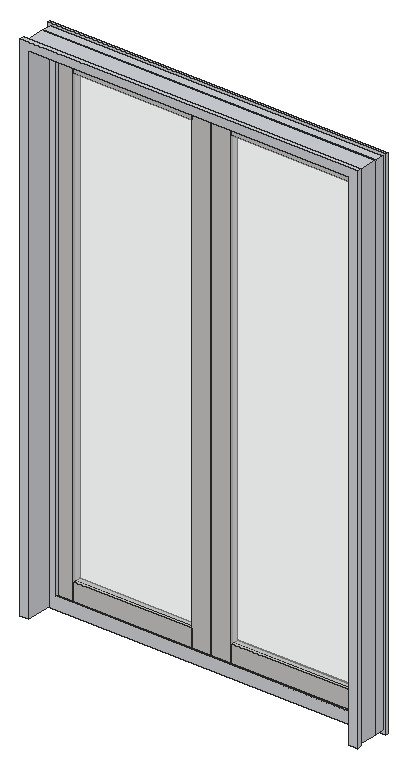
Revit family "APL Residential Thermal Heart French Door Open Out", category Doors, host Wall, Revit 2017
Family settings
  Host = Wall
  OmniClass Number = 23.30.10.00
  OmniClass Title = Doors
  Always vertical = Yes
  Cut with Voids When Loaded = No
  Shared = No
  Room Calculation Point = No
Parameters (values of type "Architrave")
  Rough Width = 1615 mm
  Rough Height = 2500 mm
  Reveal Liner = no
  Plan Swing = yes
  Panel = (Rough Width / 2) - 47.5 mm  # 760 mm
  Liner Sill = no
  Liner Head = yes
  Liner End = 10 mm
  Liner = 51 mm
  Jamb Liner 2 = yes
  Jamb Liner 1 = yes
  Groove = 10 mm
  Function = Interior
  Frame Width Sill = 15 mm
  Frame Projection Ext. = 13 mm
  Frame Projection Int. = 20 mm
  Frame Width = 12.5 mm
  Height = Rough Height - 12.5 mm  # 2487.5 mm
  Wall Closure = By host
  Width = Rough Width - 15 mm  # 1600 mm
  Architrave = yes
  Analytic Construction = "<None>"
  90° Opening [instance] = yes
  15° Opening [instance] = yes
Reference planes
  plane 1: y = 0
  plane 2 "Center (Left/Right)": x = 0
  plane 3 "Left": x = -807.5
  plane 4 "Right": x = 807.5
  plane 5: z = 2500
  plane 6 "Exterior": y = 75
  plane 7 "Interior": y = -75
Forms (mm)
  Extrusion 1, solid, visible <- "Architrave"
    sketch origin (-3050, -75, 0) x (1, 0, 0) y (0, 0, 1)
      loop
        line (2230, 0) -> (2242.5, 0) -> (2242.5, 2500) -> (3857.5, 2500) -> (3857.5, 0) -> (3870, 0) -> (3870, 2512.5) -> (2230, 2512.5) -> (2230, 0)
    from 0 to 20
  Extrusion 2, solid
    sketch origin (-6.857, 0, 0) x (1, 0, 0) y (0, 1, 0)
      loop
        line (-753.1, 63.12) -> (-664.309, 63.12) -> (-664.309, 79.268) -> (-678.502, 93.461) -> (-753.1, 93.461) -> (-753.1, 63.12)
    from 44.629 to 2452.457
  Extrusion 3, solid
    sketch origin (0, 0, 0) x (1, 0, 0) y (0, 1, 0)
      loop
        line (96, 77.961) -> (96, 53.752) -> (670.95, 53.752) -> (670.95, 77.961) -> (96, 77.961)
    from 141.653 to 2355.649
  Extrusion 4, solid
    sketch origin (0, 0, 0) x (0, 1, 0) y (0, 0, 1)
      loop
        line (93.461, 2452.457) -> (63.461, 2452.457) -> (63.461, 2355.433) -> (78.451, 2355.433) -> (93.461, 2370.442) -> (93.461, 2452.457)
    from 81.663 to 685.063
  Extrusion 5, solid, visible <- "Architrave"
    sketch origin (0, -32.901, 0) x (1, 0, 0) y (0, 0, 1)
      loop
        line (807.5, 2500) -> (-807.5, 2500) -> (-807.5, 0) -> (-779.424, 0) -> (-779.424, 2472.2) -> (779.424, 2472.2) -> (779.424, 0) -> (807.5, 0) -> (807.5, 2500)
    from -62.788 to 62.099
  Sweep 6, solid, visible <- "Reveal Liner"
    path origin (0, -75, 0) x (1, 0, 0) y (0, 0, 1)
      loop
        line (-807.5, 0) -> (-807.5, 2500) -> (807.5, 2500) -> (807.5, 0)
    profile origin (-807.5, -75, 1250) x (-1, 0, 0) y (0, -1, 0)
      loop
        line (-9.076, 20) -> (-28.076, 20) -> (-28.076, -104.887) -> (0, -104.887) -> (0, 0.131) -> (-14.642, 0.131) -> (-14.642, 10) -> (-9.076, 10) -> (-9.076, 20)
  Extrusion 7, solid
    sketch origin (0, 75, 0) x (1, 0, 0) y (0, 0, 1)
      loop
        line (807.5, 2500) -> (-807.5, 2500) -> (-807.5, 0) -> (807.5, 0) -> (807.5, 2500)
      loop
        line (796.8, 2489.3) -> (-796.8, 2489.3) -> (-796.8, 7.8) -> (796.8, 7.8) -> (796.8, 2489.3)
    from 0 to 45.113
  Sweep 8, solid
    path origin (0, 75, 0) x (1, 0, 0) y (0, 0, 1)
      loop
        line (807.5, 2500) -> (-807.5, 2500) -> (-807.5, -2.914) -> (807.5, -2.914) -> (807.5, 2500)
    profile origin (-807.5, 75, 1248.543) x (0, -1, 0) y (1, 0, 0)
      loop
        line (0, -12.5) -> (0, 10.7) -> (45.113, 10.7) -> (45.113, 60.5) -> (33.539, 60.5) -> (33.539, 47.543) -> (-18.46, 47.543) -> (-18.46, 41.5) -> (-20.5, 41.5) -> (-20.5, 5.968) -> (-12.063, -1.111) -> (-12.063, -12.5) -> (0, -12.5)
  Extrusion 9, solid
    sketch origin (6.857, 0, 0) x (-1, 0, 0) y (0, -1, 0)
      loop
        line (-753.098, -63.461) -> (-753.098, -93.461) -> (-678.205, -93.461) -> (-664.007, -79.263) -> (-664.007, -63.461) -> (-753.098, -63.461)
    from 44.629 to 2452.457
  Extrusion 10, solid
    sketch origin (0, 0, 0) x (1, 0, 0) y (0, 1, 0)
      loop
        line (670.95, 63.461) -> (670.95, 41.461) -> (759.955, 41.461) -> (759.955, 63.461) -> (670.95, 63.461)
    from 44.629 to 2452.457
  Extrusion 11, solid
    sketch origin (0, 0, 0) x (-1, 0, 0) y (0, -1, 0)
      loop
        line (671.167, -63.12) -> (759.957, -63.12) -> (759.957, -41.461) -> (671.167, -41.461) -> (671.167, -63.12)
    from 44.629 to 2452.457
  Extrusion 12, solid
    sketch origin (0, 0, -12.957) x (0, 1, 0) y (0, 0, 1)
      loop
        line (63.461, 2465.413) -> (41.461, 2465.413) -> (41.461, 2368.389) -> (63.461, 2368.389) -> (63.461, 2465.413)
    from 96 to 670.95
  Extrusion 13, solid
    sketch origin (0, 0, -0.55) x (0, 1, 0) y (0, 0, 1)
      loop
        line (63.461, 142.203) -> (41.461, 142.203) -> (41.461, 45.179) -> (63.461, 45.179) -> (63.461, 142.203)
    from -671.167 to -96
  Extrusion 14, solid
    sketch origin (0, 0, 2312.086) x (0, 1, 0) y (0, 0, 1)
      loop
        line (93.461, -2267.457) -> (93.461, -2185.442) -> (78.451, -2170.433) -> (63.461, -2170.433) -> (63.461, -2267.457) -> (93.461, -2267.457)
    from 81.663 to 685.063
  Extrusion 15, solid
    sketch origin (759.407, 0, 0) x (1, 0, 0) y (0, 1, 0)
      loop
        line (-759.407, 63.461) -> (-663.407, 63.461) -> (-663.407, 79.123) -> (-677.745, 93.461) -> (-759.407, 93.461) -> (-759.407, 63.461)
    from 44.629 to 2452.457
  Extrusion 16, solid
    sketch origin (766.265, 0, 0) x (-1, 0, 0) y (0, -1, 0)
      loop
        line (670.265, -63.461) -> (766.265, -63.461) -> (766.265, -41.461) -> (670.265, -41.461) -> (670.265, -63.461)
    from 44.629 to 2452.457
  Extrusion 17, solid
    sketch origin (-759.407, 0, 0) x (-1, 0, 0) y (0, -1, 0)
      loop
        line (-759.407, -63.461) -> (-759.407, -93.461) -> (-677.745, -93.461) -> (-663.407, -79.123) -> (-663.407, -63.461) -> (-759.407, -63.461)
    from 44.629 to 2452.457
  Extrusion 18, solid
    sketch origin (-766.265, 0, 0) x (1, 0, 0) y (0, 1, 0)
      loop
        line (670.265, 63.461) -> (670.265, 41.461) -> (766.265, 41.461) -> (766.265, 63.461) -> (670.265, 63.461)
    from 44.629 to 2452.457
  Extrusion 19, solid
    sketch origin (0, 0, 0) x (0, 1, 0) y (0, 0, -1)
      loop
        line (93.461, -2452.457) -> (93.461, -2370.442) -> (78.451, -2355.433) -> (63.461, -2355.433) -> (63.461, -2452.457) -> (93.461, -2452.457)
    from 81.663 to 685.36
  Extrusion 20, solid
    sketch origin (0, 0, -12.957) x (0, 1, 0) y (0, 0, -1)
      loop
        line (63.461, -2465.413) -> (63.461, -2368.389) -> (41.461, -2368.389) -> (41.461, -2465.413) -> (63.461, -2465.413)
    from 96 to 671.167
  Extrusion 21, solid
    sketch origin (0, 0, 2312.086) x (0, 1, 0) y (0, 0, -1)
      loop
        line (93.461, 2267.457) -> (63.461, 2267.457) -> (63.461, 2170.433) -> (78.451, 2170.433) -> (93.461, 2185.442) -> (93.461, 2267.457)
    from 81.663 to 685.36
  Extrusion 22, solid
    sketch origin (0, 0, -0.55) x (0, 1, 0) y (0, 0, -1)
      loop
        line (63.461, -142.203) -> (63.461, -45.179) -> (41.461, -45.179) -> (41.461, -142.203) -> (63.461, -142.203)
    from -670.95 to -96
  Extrusion 23, solid
    sketch origin (0, 0, 0) x (-1, 0, 0) y (0, -1, 0)
      loop
        line (96, -77.961) -> (671.167, -77.961) -> (671.167, -53.752) -> (96, -53.752) -> (96, -77.961)
    from 141.653 to 2355.649
Cuts and joins
  joined: Extrusion 1, Extrusion 5
  joined: Extrusion 7, Sweep 8
  joined: Extrusion 17, Extrusion 18
  joined: Extrusion 15, Extrusion 16
  joined: Extrusion 2, Extrusion 11
  joined: Extrusion 9, Extrusion 10
  joined: Extrusion 4, Extrusion 12, Extrusion 19, Extrusion 20
  joined: Extrusion 13, Extrusion 21
  joined: Extrusion 14, Extrusion 22
Lines and regions (mm)
  Opening 1
    outline origin (-3050, -75, 0) x (1, 0, 0) y (0, 0, 1)
      loop
        line (2242.5, 0) -> (3857.5, 0) -> (3857.5, 2500) -> (2242.5, 2500) -> (2242.5, 0)
  Masking region 1
    outline origin (0, 0, 0) x (0, 1, 0) y (0, 0, 1)
      loop
        line (93.25, 44.629) -> (93.25, 126.363) -> (77.961, 141.653) -> (41.461, 141.653) -> (41.461, 44.629) -> (93.25, 44.629)
  Masking region 2
    outline origin (0, 0, 0) x (0, 1, 0) y (0, 0, 1)
      loop
        line (93.46, 2452.457) -> (41.461, 2452.457) -> (41.461, 2355.433) -> (78.451, 2355.433) -> (93.46, 2370.442) -> (93.46, 2452.457)
  symbolic lines, style "Elevation Swing"
    curve 1: line (752.941, -75, 1250) -> (0, -75, 2452.457)
    curve 2: line (752.941, -75, 1250) -> (0, -75, 44.629)
    curve 3: line (-752.941, -75, 1344.5) -> (0, -75, 2452.457)
    curve 4: line (-752.941, -75, 1344.5) -> (0, -75, 44.629)
  symbolic lines, style "Plan Swing", visible <- "90° Opening"
    curve 5: line (759.957, 104.932, 0) -> (759.957, 864.932, 0)
    curve 6: line (-759.957, 93.46, 0) -> (-759.957, 853.461, 0)
    curve 7: arc (0.043, 93.461, 0) -> (-222.556, 630.862, 0) -> (-759.957, 853.461, 0) r 760
    curve 8: arc (0.043, 93.461, 0) -> (218.515, 638.262, 0) -> (759.957, 864.932, 0) r 760
  symbolic lines, style "Plan Swing", visible <- "15° Opening"
    curve 9: line (759.957, 93.46, 0) -> (25.853, 290.163, 0)
    curve 10: line (-759.957, 93.46, 0) -> (-25.853, 290.163, 0)
    curve 11: arc (0.043, 93.461, 0) -> (-6.459, 192.66, 0) -> (-25.853, 290.163, 0) r 760
    curve 12: arc (-0.043, 93.46, 0) -> (6.459, 192.66, 0) -> (25.853, 290.163, 0) r 760
Text (mm)
  text "Exterior" at (-2295.016, 1099.543, 0), in view "Ref. Level"
  text "Exterior" at (0, 1615.38, 3698.081), in view "Left"
  text "Exterior" at (0, 1036.032, 3874.932), in view "Right"
Dimensions and locks
  equal spacing: plane 3 "Left", plane 2 "Center (Left/Right)", plane 4 "Right"
  "Rough Width": plane 3 "Left" to plane 4 "Right"
  "Rough Height": plane 5 to host wall
  equal spacing: host wall, curve 2, plane 5
  host wall to plane 5 = 2500 mm
  "Frame Projection Int.": Extrusion 1 to Extrusion 1
  "Frame Width": plane 3 "Left" to Extrusion 1 sketch curve
  "Frame Width": plane 4 "Right" to Extrusion 1 sketch curve
  "Frame Width": Extrusion 1 sketch curve to plane 5
  locked: plane 6 "Exterior" to host wall at 0
  locked: plane 7 "Interior" to host wall
  level to nested 1 = 5 mm
  locked: Extrusion 7 to plane 6 "Exterior" at 45.113
  Extrusion 4 to Extrusion 7 to Extrusion 7 = 133.867 mm, 10.7 mm
  Extrusion 4 to Extrusion 4 to Extrusion 4 to plane 5 = 15.009 mm locked, 82.014 mm locked, 47.543 mm locked
  locked: Extrusion 3 to plane 5 at 144.351
  Extrusion 14 to Extrusion 14 = 97.024 mm
  locked: cut or joined group of Extrusion 7, Sweep 8 to plane 6 "Exterior" at 45.113
  plane 3 "Left" to cut or joined group of Extrusion 7, Sweep 8 = 60.5 mm
  locked: plane 3 "Left" to Sweep 6 at 28.076
  Sweep 6 to plane 4 "Right" = 28.076 mm
  cut or joined group of Extrusion 7, Sweep 8 to plane 4 "Right" = 60.5 mm
  locked: plane 4 "Right" to Extrusion 4 at 122.437
  locked: plane 4 "Right" to Extrusion 14 at 122.437
  Extrusion 19 to Extrusion 19 = 97.024 mm
  locked: plane 3 "Left" to curve 6 at 47.543
  curve 5 to plane 4 "Right" = 47.543 mm
  plane 3 "Left" to Extrusion 21 = 122.141 mm
  locked: plane 5 to Extrusion 12 at 47.543
  locked: plane 5 to Extrusion 20 at 47.543
  locked: plane 3 "Left" to Extrusion 19 at 122.141
  locked: plane 3 "Left" to Extrusion 21 at 122.141
  locked: nested 1 to host wall at 5
  locked: nested 1 to plane 5 at 7.5
  locked: Extrusion 22 to plane 4 "Right" at 136.55
  locked: plane 3 "Left" to Extrusion 13 at 136.333
  locked: plane 5 to cut or joined group of Extrusion 2, Extrusion 11 at 47.543
  locked: plane 5 to cut or joined group of Extrusion 9, Extrusion 10 at 47.543
  locked: plane 3 "Left" to Extrusion 20 at 136.333
  locked: Masking region 1 sketch curve to cut or joined group of Extrusion 2, Extrusion 11 at 97.024
  locked: Extrusion 21 to Extrusion 13 at 52
  locked: Masking region 1 sketch curve to Extrusion 13 at 36.5
  locked: Masking region 1 sketch curve to Masking region 1 sketch curve at 21.623
  locked: Masking region 2 sketch curve to cut or joined group of Extrusion 4, Extrusion 12, Extrusion 19, Extrusion 20 at 52
  locked: cut or joined group of Extrusion 2, Extrusion 11 to cut or joined group of Extrusion 4, Extrusion 12, Extrusion 19, Extrusion 20 at 97.024
  locked: Masking region 2 sketch curve to cut or joined group of Extrusion 4, Extrusion 12, Extrusion 19, Extrusion 20 at 36.991
  locked: plane 5 to cut or joined group of Extrusion 17, Extrusion 18 at 47.543
  locked: plane 5 to cut or joined group of Extrusion 15, Extrusion 16 at 47.543
  "Panel": radius of curve 7
  "Panel": radius of curve 8
  "Panel": radius of curve 12
  "Panel": radius of curve 11
  locked: Masking region 1 sketch curve to Extrusion 23 (angle 135.00°)
  locked: cut or joined group of Extrusion 4, Extrusion 12, Extrusion 19, Extrusion 20 to Masking region 2 sketch curve (angle 135.00°)
  aligned and locked: plane 3 "Left" to Opening 1 sketch curve
  aligned and locked: plane 5 to Opening 1 sketch curve  (x2)
  aligned and locked: Opening 1 sketch curve to plane 4 "Right"
  aligned and locked: Opening 1 sketch curve to level
  aligned and locked: level to Extrusion 1 sketch curve
  aligned and locked: plane 5 to Extrusion 1 sketch curve  (x2)
  aligned and locked: Extrusion 1 sketch curve to plane 4 "Right"
  aligned and locked: plane 3 "Left" to Extrusion 1 sketch curve
  aligned and locked: plane 1 to host wall
  aligned and locked: Extrusion 1 to Extrusion 5
  aligned and locked: Extrusion 1 to level
  aligned and locked: plane 5 to Sweep 6 sketch curve
  aligned and locked: Sweep 6 sketch curve to plane 4 "Right"
  aligned and locked: Sweep 6 sketch curve to plane 3 "Left"
  aligned and locked: cut or joined group of Extrusion 1, Extrusion 5 to Sweep 6 sketch curve
  aligned and locked: Sweep 6 sketch curve to cut or joined group of Extrusion 1, Extrusion 5
  aligned and locked: Sweep 6 sketch curve to profile plane
  aligned and locked: Extrusion 7 to host wall
  aligned and locked: Sweep 6 sketch curve to Extrusion 7
  aligned and locked: Extrusion 5 to cut or joined group of Extrusion 7, Sweep 8
  aligned and locked: Extrusion 4 to Extrusion 9
  aligned and locked: Extrusion 2 to Extrusion 4
  aligned and locked: Extrusion 23 to Extrusion 13
  aligned and locked: Extrusion 22 to Extrusion 3
  aligned and locked: Extrusion 23 to Extrusion 3
  aligned and locked: Extrusion 17 to Extrusion 4
  aligned and locked: Extrusion 15 to Extrusion 4
  aligned and locked: Extrusion 12 to Extrusion 3
  aligned and locked: Extrusion 3 to Extrusion 12
  aligned and locked: Extrusion 11 to Extrusion 2
  aligned and locked: cut or joined group of Extrusion 7, Sweep 8 to curve 9
  aligned and locked: cut or joined group of Extrusion 7, Sweep 8 to curve 10
Automatic sketch dimensions
  curve 1 to plane 2 "Center (Left/Right)" = 0 mm
  curve 2 to plane 2 "Center (Left/Right)" = 0 mm
  plane 4 "Right" to curve 2 = 54.559 mm
  plane 5 to curve 1 = 47.543 mm
  level to curve 2 = 44.629 mm
  Extrusion 2 sketch curve to host wall = 11.88 mm
  Extrusion 2 sketch curve to plane 3 "Left" = 47.543 mm
  host wall to Extrusion 2 sketch curve = 18.461 mm
  Extrusion 2 sketch curve to Extrusion 2 sketch curve = 74.597 mm
  host wall to Extrusion 2 sketch curve = 4.268 mm
  Extrusion 2 sketch curve to Extrusion 2 sketch curve = 14.193 mm
  Extrusion 3 sketch curve to host wall = 21.248 mm
  plane 2 "Center (Left/Right)" to Extrusion 3 sketch curve = 96 mm
  plane 4 "Right" to Extrusion 3 sketch curve = 136.55 mm
  host wall to Extrusion 3 sketch curve = 2.961 mm
  Extrusion 4 sketch curve to host wall = 11.539 mm
  host wall to Extrusion 4 sketch curve = 3.451 mm
  host wall to Extrusion 4 sketch curve = 18.461 mm
  plane 5 to Extrusion 4 sketch curve = 144.567 mm
  Extrusion 4 sketch curve to Extrusion 4 sketch curve = 15.009 mm
  plane 5 to Extrusion 4 sketch curve = 47.543 mm
  plane 3 "Left" to Extrusion 5 sketch curve = 0 mm
  Extrusion 5 sketch curve to level = 0 mm  (x2)
  plane 4 "Right" to Extrusion 5 sketch curve = 0 mm
  Extrusion 5 sketch curve to plane 5 = 0 mm
  Extrusion 5 sketch curve to plane 3 "Left" = 28.076 mm
  plane 4 "Right" to Extrusion 5 sketch curve = 28.076 mm
  plane 5 to Extrusion 5 sketch curve = 27.8 mm
  Sweep 6 sketch curve to level = 0 mm  (x2)
  profile plane to Sweep 6 sketch curve = 14.642 mm
  Sweep 6 sketch curve to Sweep 6 sketch curve = 5.565 mm
  plane 7 "Interior" to Sweep 6 sketch curve = 0.131 mm
  Sweep 6 sketch curve to Sweep 6 sketch curve = 10 mm
  plane 3 "Left" to Extrusion 7 sketch curve = 0 mm
  plane 4 "Right" to Extrusion 7 sketch curve = 0 mm
  Extrusion 7 sketch curve to level = 0 mm
  Extrusion 7 sketch curve to plane 5 = 0 mm
  Extrusion 7 sketch curve to plane 3 "Left" = 10.7 mm
  plane 4 "Right" to Extrusion 7 sketch curve = 10.7 mm
  level to Extrusion 7 sketch curve = 7.8 mm
  plane 5 to Extrusion 7 sketch curve = 10.7 mm
  plane 3 "Left" to Sweep 8 sketch curve = 0 mm
  plane 4 "Right" to Sweep 8 sketch curve = 0 mm
  Sweep 8 sketch curve to plane 5 = 0 mm
  Sweep 8 sketch curve to level = 2.914 mm
  Sweep 8 sketch curve to plane 6 "Exterior" = 20.5 mm
  Sweep 8 sketch curve to Sweep 8 sketch curve = 2.039 mm
  profile plane to Sweep 8 sketch curve = 1.111 mm
  Sweep 8 sketch curve to Sweep 8 sketch curve = 8.436 mm
  plane 6 "Exterior" to Sweep 8 sketch curve = 0 mm
  plane 6 "Exterior" to Sweep 8 sketch curve = 33.539 mm
  Sweep 8 sketch curve to profile plane = 10.7 mm
  Sweep 8 sketch curve to Sweep 8 sketch curve = 11.574 mm
  profile plane to Sweep 8 sketch curve = 12.5 mm
  Sweep 8 sketch curve to profile plane = 5.968 mm
  Sweep 8 sketch curve to Sweep 8 sketch curve = 35.532 mm
  Sweep 8 sketch curve to Sweep 8 sketch curve = 6.043 mm
  Sweep 8 sketch curve to Sweep 8 sketch curve = 12.957 mm
  host wall to Extrusion 9 sketch curve = 11.539 mm
  Extrusion 9 sketch curve to plane 4 "Right" = 47.545 mm
  Extrusion 9 sketch curve to host wall = 18.461 mm
  Extrusion 9 sketch curve to Extrusion 9 sketch curve = 74.893 mm
  Extrusion 9 sketch curve to host wall = 4.263 mm
  Extrusion 9 sketch curve to Extrusion 9 sketch curve = 14.198 mm
  Extrusion 10 sketch curve to host wall = 33.539 mm
  plane 4 "Right" to Extrusion 10 sketch curve = 136.55 mm
  plane 4 "Right" to Extrusion 10 sketch curve = 47.545 mm
  Extrusion 10 sketch curve to host wall = 11.539 mm
  host wall to Extrusion 11 sketch curve = 11.88 mm
  plane 3 "Left" to Extrusion 11 sketch curve = 136.333 mm
  plane 3 "Left" to Extrusion 11 sketch curve = 47.543 mm
  Extrusion 11 sketch curve to Extrusion 11 sketch curve = 21.66 mm
  Extrusion 12 sketch curve to host wall = 33.539 mm
  Extrusion 12 sketch curve to host wall = 11.539 mm
  plane 5 to Extrusion 12 sketch curve = 144.567 mm
  plane 5 to Extrusion 12 sketch curve = 47.543 mm
  Extrusion 13 sketch curve to host wall = 33.539 mm
  Extrusion 13 sketch curve to host wall = 11.539 mm
  level to Extrusion 13 sketch curve = 44.629 mm
  Extrusion 13 sketch curve to Extrusion 13 sketch curve = 97.024 mm
  host wall to Extrusion 14 sketch curve = 11.539 mm
  Extrusion 14 sketch curve to host wall = 3.451 mm
  Extrusion 14 sketch curve to host wall = 18.461 mm
  Extrusion 14 sketch curve to level = 141.653 mm
  Extrusion 14 sketch curve to Extrusion 14 sketch curve = 15.009 mm
  Extrusion 14 sketch curve to level = 44.629 mm
  Extrusion 15 sketch curve to plane 2 "Center (Left/Right)" = 0 mm
  host wall to Extrusion 15 sketch curve = 18.461 mm
  plane 2 "Center (Left/Right)" to Extrusion 15 sketch curve = 81.663 mm
  host wall to Extrusion 15 sketch curve = 4.123 mm
  Extrusion 15 sketch curve to Extrusion 15 sketch curve = 14.337 mm
  Extrusion 15 sketch curve to host wall = 11.539 mm
  Extrusion 16 sketch curve to plane 2 "Center (Left/Right)" = 0 mm
  host wall to Extrusion 16 sketch curve = 11.539 mm
  Extrusion 16 sketch curve to plane 2 "Center (Left/Right)" = 96 mm
  Extrusion 16 sketch curve to Extrusion 16 sketch curve = 22 mm
  Extrusion 17 sketch curve to plane 2 "Center (Left/Right)" = 0 mm
  Extrusion 17 sketch curve to host wall = 18.461 mm
  plane 2 "Center (Left/Right)" to Extrusion 17 sketch curve = 81.663 mm
  Extrusion 17 sketch curve to host wall = 4.123 mm
  Extrusion 17 sketch curve to Extrusion 17 sketch curve = 14.337 mm
  host wall to Extrusion 17 sketch curve = 11.539 mm
  Extrusion 18 sketch curve to plane 2 "Center (Left/Right)" = 0 mm
  Extrusion 18 sketch curve to host wall = 11.539 mm
  Extrusion 18 sketch curve to plane 2 "Center (Left/Right)" = 96 mm
  Extrusion 18 sketch curve to Extrusion 18 sketch curve = 22 mm
  curve 4 to plane 2 "Center (Left/Right)" = 0 mm
  curve 3 to plane 2 "Center (Left/Right)" = 0 mm
  curve 3 to plane 3 "Left" = 54.559 mm
  plane 5 to curve 4 = 1155.5 mm
  level to curve 4 = 44.629 mm
  plane 5 to curve 3 = 47.543 mm
  Extrusion 19 sketch curve to host wall = 11.539 mm
  host wall to Extrusion 19 sketch curve = 3.451 mm
  host wall to Extrusion 19 sketch curve = 18.461 mm
  plane 5 to Extrusion 19 sketch curve = 47.543 mm
  Extrusion 19 sketch curve to Extrusion 19 sketch curve = 82.014 mm
  Extrusion 19 sketch curve to Extrusion 19 sketch curve = 15.009 mm
  Extrusion 20 sketch curve to host wall = 33.539 mm
  Extrusion 20 sketch curve to host wall = 11.539 mm
  plane 5 to Extrusion 20 sketch curve = 47.543 mm
  Extrusion 20 sketch curve to Extrusion 20 sketch curve = 97.024 mm
  Extrusion 21 sketch curve to host wall = 11.539 mm
  host wall to Extrusion 21 sketch curve = 3.451 mm
  host wall to Extrusion 21 sketch curve = 18.461 mm
  level to Extrusion 21 sketch curve = 141.653 mm
  Extrusion 21 sketch curve to Extrusion 21 sketch curve = 15.009 mm
  level to Extrusion 21 sketch curve = 44.629 mm
  Extrusion 22 sketch curve to host wall = 33.539 mm
  Extrusion 22 sketch curve to host wall = 11.539 mm
  level to Extrusion 22 sketch curve = 141.653 mm
  level to Extrusion 22 sketch curve = 44.629 mm
  host wall to Extrusion 23 sketch curve = 21.248 mm
  plane 2 "Center (Left/Right)" to Extrusion 23 sketch curve = 96 mm
  plane 3 "Left" to Extrusion 23 sketch curve = 136.333 mm
  Extrusion 23 sketch curve to host wall = 2.961 mm
  Masking region 1 sketch curve to host wall = 33.539 mm
  level to Masking region 1 sketch curve = 44.629 mm
  Masking region 2 sketch curve to host wall = 33.539 mm
  plane 5 to Masking region 2 sketch curve = 144.567 mm
  plane 5 to Masking region 2 sketch curve = 47.543 mm
  Extrusion 1 sketch curve to level = 0 mm
  curve 10 to plane 2 "Center (Left/Right)" = 25.853 mm
  plane 2 "Center (Left/Right)" to curve 9 = 25.853 mm
  curve 12 to curve 8 = 0 mm
  curve 12 to curve 9 = 0 mm
  curve 6 to curve 7 = 0 mm
  curve 9 to curve 12 = 0 mm
  curve 8 to curve 5 = 0 mm
Nested families
  nested 1: "APL Residential Thermal Heart French Door Open Out Vertical Section" at (-820, -269.196, 120.474) x (0, -1, 0) z (1, 0, 0), Liner <- "Liner", Groove <- "Groove", Liner End <- "Liner End", Box Width <- "Height", type "Groove"
    with Liner End 10 mm, Liner 51 mm, Groove 10 mm, Glass Length 2239.5 mm, Box Width 2487.5 mm
  nested 2: "APL Residential Thermal Heart French Door Open Out Horizontal Section" at (-408.062, 94.873, -15.414) x (-1, 0, 0) z (0, 0, 1), Box Width <- "Width", Liner <- "Liner", Groove <- "Groove", Liner End <- "Liner End", type "Groove"
    with Liner End 10 mm, Liner 51 mm, Groove 10 mm, Glass Length 1 600 mm, Box Width 1600 mm
Definition of nested family "APL Residential Thermal Heart French Door Open Out Vertical Section"
  Parameters (values of type "Groove")
    Sill Liner = yes
    Liner End [instance] = 10 mm
    Liner Block = Liner : Liner
    Liner [instance] = 100 mm
    Head Liner = yes
    Groove [instance] = 10 mm
    Glass Length [instance] = Box Width - 248 mm  # 252 mm
    Box Width [instance] = 500 mm
  Types (2, lengths in mm): name | Liner Block
    Groove | Liner : Liner
    No Groove | Liner No Groove : Liner No Groove
  Reference planes
    plane 1 "Front": x = -362.196
    plane 2: z = 0
    plane 3 "Center (Elevation)": y = 134.526
    plane 4: y = 384.526
    plane 5: y = -115.474
    plane 6: x = -303.196
    plane 7: y = -120.474
    plane 8: x = -349.196
    plane 9: x = -303.175
    plane 10: x = -303.196
    plane 11: x = -344.196
  Dimensions and locks
    equal spacing: plane 4, plane 3 "Center (Elevation)", plane 5
    "Box Width": plane 4 to plane 5
    "Liner": plane 6 to nested 1
    locked: plane 5 to plane 7 at 5
    locked: plane 4 to nested 3 at 124.395
    locked: plane 5 to nested 4 at 124.392
    "Liner": plane 10 to nested 6
    locked: plane 8 to plane 11 at 5
    locked: nested 3 to nested 5 at 6.328
    locked: nested 2 to nested 4 at 6.324
    locked: nested 5 to nested 1 at 32.284
    locked: nested 6 to nested 2 at 32.284
    aligned and locked: nested 1 to plane 6
    aligned and locked: nested 6 to plane 10
  Nested families
    nested 1: "Liner" at (-303.196, 363.81, 0), type <- "Liner Block", End Liner <- "Liner End", Groove <- "Groove", visible <- "Head Liner", type "Liner", in view "Left", detail levels fine
      with built-in parameter 1001306 0.32808 (stored number, unit not read)
    nested 2: "Open Out Head&Sill" at (-349.196, -115.474, 0), type "Sill", in view "Left", detail levels fine
    nested 3: "Glazing Bead" at (-346.557, 260.131, 0), Glass Lenght <- "Glass Length", type "DG", in view "Left", detail levels fine
      with Glass Lenght 252 mm
    nested 4: "Glazing Bead" at (-346.557, 8.918, 0), Glass Lenght <- "Glass Length", type "DG", in view "Left", detail levels fine
      with Glass Lenght 252 mm
    nested 5: "Open Out Head&Sill" at (-349.196, 384.526, 0), type "Sill", in view "Left", detail levels fine
    nested 6: "Liner" at (-303.196, -94.758, 0), type <- "Liner Block", End Liner <- "Liner End", Groove <- "Groove", visible <- "Sill Liner", type "Liner", in view "Left", detail levels fine
      with built-in parameter 1001306 0.32808 (stored number, unit not read)
  Definition of nested family "Liner"
    Parameters (values of type "Liner")
      Type Image = (empty or 0)
      built-in parameter 1001306 [instance] = 100 mm
      Groove [instance] = 10 mm
      End Liner [instance] = 10 mm
    Reference planes
      plane 1 "Center (Front/Back)": y = 0
      plane 2: z = 0
      plane 3 "Left": x = 0
      plane 4 "Right": x = 100
    Lines and regions (mm)
      Filled region 1, type "Brick", in view "Ref. Level"
        outline origin (0, 0, 0) x (1, 0, 0) y (0, 1, 0)
          loop
            line (0, 0) -> (120, 0) -> (120, 19) -> (110, 19) -> (110, 13.435) -> (100, 13.435) -> (100, 19) -> (0, 19) -> (0, 0)
      reference lines, in view "Ref. Level"
        curve 1: line (0, 0, 0) -> (100, 0, 0)
      detail lines, in view "Ref. Level", detail levels fine
        curve 2: line (100, 0, 0) -> (0, 0, 0)
    Dimensions and locks
      "built-in parameter 1001306": plane 3 "Left" to plane 4 "Right"
      locked: Filled region 1 to curve 2 at 19
      "Groove": plane 4 "Right" to Filled region 1
      "End Liner": Filled region 1 to Filled region 1
      aligned and locked: plane 1 "Center (Front/Back)" to curve 1
      aligned and locked: plane 3 "Left" to curve 1
      aligned and locked: plane 4 "Right" to curve 1
      aligned and locked: curve 1 to Filled region 1
      aligned and locked: plane 1 "Center (Front/Back)" to Filled region 1
      aligned and locked: Filled region 1 to plane 3 "Left"
    Automatic sketch dimensions
      curve 2 to plane 4 "Right" = 0 mm
      Filled region 1 sketch curve to plane 3 "Left" = 0 mm
      Filled region 1 sketch curve to plane 4 "Right" = 0 mm
      Filled region 1 sketch curve to Filled region 1 sketch curve = 10 mm  (x2)
      Filled region 1 sketch curve to plane 1 "Center (Front/Back)" = 0 mm
      Filled region 1 sketch curve to plane 1 "Center (Front/Back)" = 13.435 mm
      Filled region 1 sketch curve to Filled region 1 sketch curve = 5.565 mm  (x2)
      curve 2 to plane 3 "Left" = 0 mm
  Definition of nested family "Open Out Head&Sill"
    Reference planes
      plane 1 "Center (Front/Back)": y = 0
      plane 2: z = 0
      plane 3 "Center (Left/Right)": x = 0
    Lines and regions (mm)
      detail lines, in view "Ref. Level"
        curve 1: arc (27.921, 138.423, 0) -> (27.611, 138.563, 0) -> (27.449, 138.264, 0) r 0.25
        curve 2: arc (27.475, 128.376, 0) -> (27.637, 128.077, 0) -> (27.948, 128.217, 0) r 0.25
        curve 3: line (27.449, 138.264, 0) -> (28.443, 134.396, 0)
        curve 4: line (28.443, 134.396, 0) -> (27.439, 133.817, 0)
        curve 5: line (27.439, 133.817, 0) -> (27.439, 132.817, 0)
        curve 6: line (27.439, 132.817, 0) -> (28.465, 132.225, 0)
        curve 7: line (28.465, 132.225, 0) -> (27.475, 128.376, 0)
        curve 8: line (27.948, 128.217, 0) -> (29.672, 132.317, 0)
        curve 9: line (29.672, 132.317, 0) -> (30.939, 132.317, 0)
        curve 10: line (30.939, 132.317, 0) -> (30.939, 131.067, 0)
        curve 11: line (30.939, 131.067, 0) -> (31.939, 131.067, 0)
        curve 12: line (31.939, 131.067, 0) -> (31.939, 135.567, 0)
        curve 13: line (31.939, 135.567, 0) -> (30.939, 135.567, 0)
        curve 14: line (30.939, 135.567, 0) -> (30.939, 134.317, 0)
        curve 15: line (30.939, 134.317, 0) -> (29.647, 134.317, 0)
        curve 16: line (29.647, 134.317, 0) -> (27.921, 138.423, 0)
        curve 33: arc (43.239, 49.459, 0) -> (43.098, 49.401, 0) -> (43.039, 49.259, 0) r 0.2
        curve 34: arc (43.039, 46.539, 0) -> (42.981, 46.398, 0) -> (42.839, 46.339, 0) r 0.2
        curve 35: arc (41.739, 46.339, 0) -> (41.032, 46.632, 0) -> (40.739, 47.339, 0) r 1
        curve 36: arc (40.304, 45.421, 0) -> (39.422, 44.539, 0) -> (38.539, 45.421, 0) r 0.882
        curve 37: arc (38.539, 47.651, 0) -> (38.545, 47.752, 0) -> (38.56, 47.852, 0) r 1
        curve 38: arc (39.401, 51.942, 0) -> (39.95, 52.665, 0) -> (40.814, 52.939, 0) r 1.5
        curve 39: arc (42.039, 52.939, 0) -> (42.747, 52.646, 0) -> (43.039, 51.939, 0) r 1
        curve 40: arc (47.988, 51.439, 0) -> (48.168, 51.327, 0) -> (48.146, 51.116, 0) r 0.2
        curve 41: arc (46.796, 48.416, 0) -> (46.657, 48.31, 0) -> (46.487, 48.354, 0) r 0.2
        curve 42: line (43.039, 49.259, 0) -> (43.039, 46.539, 0)
        curve 43: line (42.839, 46.339, 0) -> (42.439, 46.339, 0)
        curve 44: line (42.439, 46.339, 0) -> (41.739, 46.339, 0)
        curve 45: line (40.739, 47.339, 0) -> (40.739, 50.344, 0)
        curve 46: line (40.739, 50.344, 0) -> (40.312, 47.702, 0)
        curve 47: line (40.312, 47.702, 0) -> (40.304, 45.421, 0)
        curve 48: line (38.539, 45.421, 0) -> (38.539, 47.651, 0)
        curve 49: line (38.56, 47.852, 0) -> (39.401, 51.942, 0)
        curve 50: line (40.944, 52.939, 0) -> (42.039, 52.939, 0)
        curve 51: line (43.039, 51.939, 0) -> (43.039, 51.439, 0)
        curve 52: line (43.039, 51.439, 0) -> (47.988, 51.439, 0)
        curve 53: line (48.146, 51.116, 0) -> (46.796, 48.416, 0)
        curve 54: line (46.487, 48.354, 0) -> (45.203, 49.459, 0)
        curve 55: arc (45.203, 49.459, 0) -> (44.221, 49.592, 0) -> (43.239, 49.459, 0) r 3.701
        curve 56: arc (48.146, 51.116, 0) -> (48.168, 51.327, 0) -> (47.988, 51.439, 0) r 0.2
      detail lines, in view "Ref. Level", not visible
        curve 17: arc (27.921, 135.423, 0) -> (27.611, 135.563, 0) -> (27.449, 135.264, 0) r 0.25
        curve 18: arc (27.475, 125.376, 0) -> (27.637, 125.077, 0) -> (27.948, 125.217, 0) r 0.25
        curve 19: line (27.449, 135.264, 0) -> (28.443, 131.396, 0)
        curve 20: line (28.443, 131.396, 0) -> (27.439, 130.817, 0)
        curve 21: line (27.439, 130.817, 0) -> (27.439, 129.817, 0)
        curve 22: line (27.439, 129.817, 0) -> (28.465, 129.225, 0)
        curve 23: line (28.465, 129.225, 0) -> (27.475, 125.376, 0)
        curve 24: line (27.948, 125.217, 0) -> (29.672, 129.317, 0)
        curve 25: line (29.672, 129.317, 0) -> (30.939, 129.317, 0)
        curve 26: line (30.939, 129.317, 0) -> (30.939, 128.067, 0)
        curve 27: line (30.939, 128.067, 0) -> (31.939, 128.067, 0)
        curve 28: line (31.939, 128.067, 0) -> (31.939, 132.567, 0)
        curve 29: line (31.939, 132.567, 0) -> (30.939, 132.567, 0)
        curve 30: line (30.939, 132.567, 0) -> (30.939, 131.317, 0)
        curve 31: line (30.939, 131.317, 0) -> (29.647, 131.317, 0)
        curve 32: line (29.647, 131.317, 0) -> (27.921, 135.423, 0)
        curve 57: arc (43.239, 46.459, 0) -> (43.098, 46.401, 0) -> (43.039, 46.259, 0) r 0.2
        curve 58: arc (43.039, 43.539, 0) -> (42.981, 43.398, 0) -> (42.839, 43.339, 0) r 0.2
        curve 59: arc (41.739, 43.339, 0) -> (41.032, 43.632, 0) -> (40.739, 44.339, 0) r 1
        curve 60: arc (40.304, 42.421, 0) -> (39.422, 41.539, 0) -> (38.539, 42.421, 0) r 0.882
        curve 61: arc (38.539, 44.651, 0) -> (38.545, 44.752, 0) -> (38.56, 44.852, 0) r 1
        curve 62: arc (39.401, 48.942, 0) -> (39.95, 49.665, 0) -> (40.814, 49.939, 0) r 1.5
        curve 63: arc (42.039, 49.939, 0) -> (42.747, 49.646, 0) -> (43.039, 48.939, 0) r 1
        curve 64: arc (47.988, 48.439, 0) -> (48.168, 48.327, 0) -> (48.146, 48.116, 0) r 0.2
        curve 65: arc (46.796, 45.416, 0) -> (46.657, 45.31, 0) -> (46.487, 45.354, 0) r 0.2
        curve 66: line (43.039, 46.259, 0) -> (43.039, 43.539, 0)
        curve 67: line (42.839, 43.339, 0) -> (42.439, 43.339, 0)
        curve 68: line (42.439, 43.339, 0) -> (41.739, 43.339, 0)
        curve 69: line (40.739, 44.339, 0) -> (40.739, 47.344, 0)
        curve 70: line (40.739, 47.344, 0) -> (40.312, 44.702, 0)
        curve 71: line (40.312, 44.702, 0) -> (40.304, 42.421, 0)
        curve 72: line (38.539, 42.421, 0) -> (38.539, 44.651, 0)
        curve 73: line (38.56, 44.852, 0) -> (39.401, 48.942, 0)
        curve 74: line (40.944, 49.939, 0) -> (42.039, 49.939, 0)
        curve 75: line (43.039, 48.939, 0) -> (43.039, 48.439, 0)
        curve 76: line (43.039, 48.439, 0) -> (47.988, 48.439, 0)
        curve 77: line (48.146, 48.116, 0) -> (46.796, 45.416, 0)
        curve 78: line (46.487, 45.354, 0) -> (45.203, 46.459, 0)
        curve 79: arc (45.203, 46.459, 0) -> (44.221, 46.592, 0) -> (43.239, 46.459, 0) r 3.701
        curve 80: arc (48.146, 48.116, 0) -> (48.168, 48.327, 0) -> (47.988, 48.439, 0) r 0.2
    Nested families
      nested 1: "65310_Open Out Frame" at (0, 0, 0), type "65310_Open Out Frame", in view "Ref. Level"
      nested 2: "65200_Rail" at (-12.861, 40.067, 0), type "65200_Rail", in view "Ref. Level"
    Definition of nested family "65310_Open Out Frame"
      Reference planes
        plane 1 "Center (Front/Back)": y = 0
        plane 2: z = 0
        plane 3 "Center (Left/Right)": x = 0
      Lines and regions (mm)
        model lines, in view "Ref. Level"
          curve 1: arc (25.4, 8.561, 0) -> (25.517, 8.844, 0) -> (25.8, 8.961, 0) r 0.4
          curve 2: arc (26.093, 8.961, 0) -> (26.196, 8.947, 0) -> (26.293, 8.907, 0) r 0.4
          curve 3: arc (27.821, 8.022, 0) -> (28.111, 7.902, 0) -> (28.422, 7.861, 0) r 1.2
          curve 4: arc (29.345, 7.861, 0) -> (29.918, 7.68, 0) -> (30.284, 7.203, 0) r 1
          curve 5: arc (31.077, 5.024, 0) -> (31.224, 4.833, 0) -> (31.453, 4.761, 0) r 0.4
          curve 6: arc (37.947, 4.761, 0) -> (38.176, 4.833, 0) -> (38.323, 5.024, 0) r 0.4
          curve 7: arc (39.116, 7.203, 0) -> (39.482, 7.68, 0) -> (40.055, 7.861, 0) r 1
          curve 8: arc (40.978, 7.861, 0) -> (41.289, 7.902, 0) -> (41.579, 8.022, 0) r 1.2
          curve 9: arc (43.107, 8.907, 0) -> (43.204, 8.947, 0) -> (43.307, 8.961, 0) r 0.4
          curve 10: arc (43.6, 8.961, 0) -> (43.883, 8.844, 0) -> (44, 8.561, 0) r 0.4
          curve 11: arc (44, 5.161, 0) -> (43.883, 4.878, 0) -> (43.6, 4.761, 0) r 0.4
          curve 12: arc (43.307, 4.761, 0) -> (43.204, 4.775, 0) -> (43.107, 4.815, 0) r 0.4
          curve 13: arc (41.579, 5.699, 0) -> (41.285, 5.821, 0) -> (40.97, 5.861, 0) r 1.2
          curve 14: arc (40.97, 5.861, 0) -> (40.795, 5.808, 0) -> (40.684, 5.664, 0) r 0.3
          curve 15: arc (39.796, 3.224, 0) -> (39.649, 3.033, 0) -> (39.42, 2.961, 0) r 0.4
          curve 16: arc (29.98, 2.961, 0) -> (29.751, 3.033, 0) -> (29.604, 3.224, 0) r 0.4
          curve 17: arc (28.716, 5.664, 0) -> (28.605, 5.808, 0) -> (28.43, 5.861, 0) r 0.3
          curve 18: arc (28.43, 5.861, 0) -> (28.115, 5.821, 0) -> (27.821, 5.699, 0) r 1.2
          curve 19: arc (26.293, 4.815, 0) -> (26.196, 4.775, 0) -> (26.093, 4.761, 0) r 0.4
          curve 20: arc (25.8, 4.761, 0) -> (25.517, 4.878, 0) -> (25.4, 5.161, 0) r 0.4
          curve 21: line (25.8, 8.961, 0) -> (26.093, 8.961, 0)
          curve 22: line (26.293, 8.907, 0) -> (27.821, 8.022, 0)
          curve 23: line (28.422, 7.861, 0) -> (29.345, 7.861, 0)
          curve 24: line (30.284, 7.203, 0) -> (31.077, 5.024, 0)
          curve 25: line (31.453, 4.761, 0) -> (37.947, 4.761, 0)
          curve 26: line (38.323, 5.024, 0) -> (39.116, 7.203, 0)
          curve 27: line (40.055, 7.861, 0) -> (40.978, 7.861, 0)
          curve 28: line (41.579, 8.022, 0) -> (43.107, 8.907, 0)
          curve 29: line (43.307, 8.961, 0) -> (43.6, 8.961, 0)
          curve 30: line (44, 8.561, 0) -> (44, 5.161, 0)
          curve 31: line (43.6, 4.761, 0) -> (43.307, 4.761, 0)
          curve 32: line (43.107, 4.815, 0) -> (41.579, 5.699, 0)
          curve 33: line (40.684, 5.664, 0) -> (39.796, 3.224, 0)
          curve 34: line (39.42, 2.961, 0) -> (29.98, 2.961, 0)
          curve 35: line (29.604, 3.224, 0) -> (28.716, 5.664, 0)
          curve 36: line (27.821, 5.699, 0) -> (26.293, 4.815, 0)
          curve 37: line (26.093, 4.761, 0) -> (25.8, 4.761, 0)
          curve 38: line (25.4, 5.161, 0) -> (25.4, 8.561, 0)
          curve 39: arc (50, 52.5, 0) -> (49.854, 52.854, 0) -> (49.5, 53, 0) r 0.5
          curve 40: arc (43.2, 53, 0) -> (43.059, 52.941, 0) -> (43, 52.8, 0) r 0.2
          curve 41: arc (43, 51.6, 0) -> (43.059, 51.459, 0) -> (43.2, 51.4, 0) r 0.2
          curve 42: arc (48.3, 51.4, 0) -> (48.441, 51.341, 0) -> (48.5, 51.2, 0) r 0.2
          curve 43: arc (48.5, 48.1, 0) -> (48.441, 47.959, 0) -> (48.3, 47.9, 0) r 0.2
          curve 44: arc (45, 48.65, 0) -> (44.846, 48.881, 0) -> (44.573, 48.827, 0) r 0.25
          curve 45: arc (43, 44.6, 0) -> (43.059, 44.459, 0) -> (43.2, 44.4, 0) r 0.2
          curve 46: arc (43.2, 44.4, 0) -> (43.766, 44.634, 0) -> (44, 45.2, 0) r 0.8
          curve 47: arc (46.4, 46, 0) -> (46.8, 45.6, 0) -> (47.2, 46, 0) r 0.4
          curve 48: arc (46.2, 33.5, 0) -> (46.054, 33.854, 0) -> (45.7, 34, 0) r 0.5
          curve 49: arc (44, 34, 0) -> (43.293, 33.707, 0) -> (43, 33, 0) r 1
          curve 50: arc (43, 32.9, 0) -> (43.088, 32.688, 0) -> (43.3, 32.6, 0) r 0.3
          curve 51: arc (44.858, 32.6, 0) -> (45.363, 31.878, 0) -> (46.2, 31.6, 0) r 1.4
          curve 52: arc (47.9, 31.6, 0) -> (48.041, 31.541, 0) -> (48.1, 31.4, 0) r 0.2
          curve 53: arc (48.1, 26.5, 0) -> (47.807, 25.793, 0) -> (47.1, 25.5, 0) r 1
          curve 54: arc (43.083, 25.5, 0) -> (42.778, 25.301, 0) -> (42.505, 25.543, 0) r 0.3
          curve 55: arc (42.505, 25.543, 0) -> (42.439, 25.681, 0) -> (42.313, 25.768, 0) r 0.3
          curve 56: arc (40.903, 26.282, 0) -> (40.617, 26.238, 0) -> (40.501, 25.974, 0) r 0.3
          curve 57: arc (40.708, 23.608, 0) -> (40.735, 23.508, 0) -> (40.795, 23.422, 0) r 0.3
          curve 58: arc (41.159, 23.059, 0) -> (41.352, 23.007, 0) -> (41.493, 23.148, 0) r 0.2
          curve 59: arc (41.538, 23.316, 0) -> (41.59, 23.405, 0) -> (41.679, 23.457, 0) r 0.2
          curve 60: arc (43.9, 24, 0) -> (44.18, 23.807, 0) -> (44.1, 23.476, 0) r 0.3
          curve 61: arc (44.1, 23.476, 0) -> (44.026, 23.375, 0) -> (44, 23.253, 0) r 0.3
          curve 62: arc (44.194, 19.25, 0) -> (44.158, 19.078, 0) -> (44, 19, 0) r 0.2
          curve 63: arc (43.479, 19, 0) -> (43.398, 19.011, 0) -> (43.323, 19.044, 0) r 0.3
          curve 64: arc (42.069, 19.809, 0) -> (42.072, 19.979, 0) -> (41.966, 20.111, 0) r 0.25
          curve 65: arc (41.88, 20.163, 0) -> (41.65, 20.179, 0) -> (41.505, 20, 0) r 0.25
          curve 66: arc (41.255, 20, 0) -> (41.114, 19.941, 0) -> (41.055, 19.8, 0) r 0.2
          curve 67: arc (41.055, 18.984, 0) -> (41.102, 18.772, 0) -> (41.235, 18.6, 0) r 0.5
          curve 68: arc (43.92, 16.362, 0) -> (44.053, 16.19, 0) -> (44.1, 15.978, 0) r 0.5
          curve 69: arc (44.1, 12.522, 0) -> (44.053, 12.31, 0) -> (43.92, 12.138, 0) r 0.5
          curve 70: arc (41.235, 9.9, 0) -> (41.102, 9.728, 0) -> (41.055, 9.516, 0) r 0.5
          curve 71: arc (41.055, 8.7, 0) -> (41.114, 8.559, 0) -> (41.255, 8.5, 0) r 0.2
          curve 72: arc (41.505, 8.5, 0) -> (41.65, 8.321, 0) -> (41.88, 8.337, 0) r 0.25
          curve 73: arc (41.966, 8.389, 0) -> (42.072, 8.521, 0) -> (42.069, 8.691, 0) r 0.25
          curve 74: arc (43.322, 9.456, 0) -> (43.398, 9.489, 0) -> (43.479, 9.5, 0) r 0.3
          curve 75: arc (44, 9.5, 0) -> (44.158, 9.422, 0) -> (44.194, 9.25, 0) r 0.2
          curve 76: arc (44, 5.247, 0) -> (44.026, 5.125, 0) -> (44.1, 5.024, 0) r 0.3
          curve 77: arc (44.1, 5.024, 0) -> (44.18, 4.693, 0) -> (43.9, 4.5, 0) r 0.3
          curve 78: arc (41.679, 5.043, 0) -> (41.59, 5.095, 0) -> (41.538, 5.184, 0) r 0.2
          curve 79: arc (41.493, 5.352, 0) -> (41.352, 5.493, 0) -> (41.159, 5.441, 0) r 0.2
          curve 80: arc (40.795, 5.078, 0) -> (40.735, 4.992, 0) -> (40.708, 4.892, 0) r 0.3
          curve 81: arc (40.501, 2.526, 0) -> (40.617, 2.262, 0) -> (40.903, 2.218, 0) r 0.3
          curve 82: arc (42.313, 2.732, 0) -> (42.439, 2.819, 0) -> (42.505, 2.957, 0) r 0.3
          curve 83: arc (42.505, 2.957, 0) -> (42.778, 3.199, 0) -> (43.083, 3, 0) r 0.3
          curve 84: arc (44.4, 3, 0) -> (44.541, 2.941, 0) -> (44.6, 2.8, 0) r 0.2
          curve 85: arc (44.6, 1.3, 0) -> (44.981, 0.381, 0) -> (45.9, 0, 0) r 1.3
          curve 86: arc (55.35, 0, 0) -> (56, 0.65, 0) -> (55.35, 1.3, 0) r 0.65
          curve 87: arc (46, 23.1, 0) -> (46.146, 23.454, 0) -> (46.5, 23.6, 0) r 0.5
          curve 88: arc (48.1, 23.6, 0) -> (48.454, 23.454, 0) -> (48.6, 23.1, 0) r 0.5
          curve 89: arc (48.6, 21.2, 0) -> (48.746, 20.846, 0) -> (49.1, 20.7, 0) r 0.5
          curve 90: arc (49.5, 20.7, 0) -> (49.854, 20.846, 0) -> (50, 21.2, 0) r 0.5
          curve 91: line (49.5, 53, 0) -> (43.2, 53, 0)
          curve 92: line (43, 52.8, 0) -> (43, 51.6, 0)
          curve 93: line (43.2, 51.4, 0) -> (48.3, 51.4, 0)
          curve 94: line (48.5, 51.2, 0) -> (48.5, 48.1, 0)
          curve 95: line (48.3, 47.9, 0) -> (45, 47.9, 0)
          curve 96: line (45, 47.9, 0) -> (45, 48.65, 0)
          curve 97: line (44.573, 48.827, 0) -> (43.059, 47.312, 0)
          curve 98: line (43.059, 47.312, 0) -> (43, 44.6, 0)
          curve 99: line (44, 45.2, 0) -> (44, 46.5, 0)
          curve 100: line (44, 46.5, 0) -> (46.4, 46.5, 0)
          curve 101: line (46.4, 46.5, 0) -> (46.4, 46, 0)
          curve 102: line (47.2, 46, 0) -> (47.2, 46.5, 0)
          curve 103: line (47.2, 46.5, 0) -> (48.5, 46.5, 0)
          curve 104: line (48.5, 46.5, 0) -> (48.5, 33, 0)
          curve 105: line (48.5, 33, 0) -> (46.2, 33, 0)
          curve 106: line (46.2, 33, 0) -> (46.2, 33.5, 0)
          curve 107: line (45.7, 34, 0) -> (44, 34, 0)
          curve 108: line (43.3, 32.6, 0) -> (44.858, 32.6, 0)
          curve 109: line (46.2, 31.6, 0) -> (47.9, 31.6, 0)
          curve 110: line (48.1, 31.4, 0) -> (48.1, 26.5, 0)
          curve 111: line (47.1, 25.5, 0) -> (43.083, 25.5, 0)
          curve 112: line (42.313, 25.768, 0) -> (40.903, 26.282, 0)
          curve 113: line (40.501, 25.974, 0) -> (40.708, 23.608, 0)
          curve 114: line (40.795, 23.422, 0) -> (41.159, 23.059, 0)
          curve 115: line (41.493, 23.148, 0) -> (41.538, 23.316, 0)
          curve 116: line (41.538, 23.316, 0) -> (43.668, 23.99, 0)
          curve 117: line (43.668, 23.99, 0) -> (43.9, 24, 0)
          curve 118: line (44, 23.253, 0) -> (44, 20.025, 0)
          curve 119: line (44, 20.025, 0) -> (44.194, 19.25, 0)
          curve 120: line (44, 19, 0) -> (43.479, 19, 0)
          curve 121: line (43.479, 19, 0) -> (42.069, 19.809, 0)
          curve 122: line (41.505, 20, 0) -> (41.255, 20, 0)
          curve 123: line (41.055, 19.8, 0) -> (41.055, 18.984, 0)
          curve 124: line (41.235, 18.6, 0) -> (43.92, 16.362, 0)
          curve 125: line (44.1, 15.978, 0) -> (44.1, 12.522, 0)
          curve 126: line (43.92, 12.138, 0) -> (41.235, 9.9, 0)
          curve 127: line (41.055, 9.516, 0) -> (41.055, 8.7, 0)
          curve 128: line (41.255, 8.5, 0) -> (41.505, 8.5, 0)
          curve 129: line (42.069, 8.691, 0) -> (43.322, 9.456, 0)
          curve 130: line (43.322, 9.456, 0) -> (44, 9.5, 0)
          curve 131: line (44.194, 9.25, 0) -> (44.006, 8.525, 0)
          curve 132: line (44.006, 8.525, 0) -> (44, 5.247, 0)
          curve 133: line (43.746, 4.5, 0) -> (41.679, 5.043, 0)
          curve 134: line (41.679, 5.043, 0) -> (41.493, 5.352, 0)
          curve 135: line (41.159, 5.441, 0) -> (40.795, 5.078, 0)
          curve 136: line (40.708, 4.892, 0) -> (40.501, 2.526, 0)
          curve 137: line (40.903, 2.218, 0) -> (42.313, 2.732, 0)
          curve 138: line (43.083, 3, 0) -> (44.4, 3, 0)
          curve 139: line (44.6, 2.8, 0) -> (44.6, 1.3, 0)
          curve 140: line (45.9, 0, 0) -> (47.7, 0, 0)
          curve 141: line (47.7, 0, 0) -> (48, 0.3, 0)
          curve 142: line (48, 0.3, 0) -> (53.25, 0.3, 0)
          curve 143: line (53.25, 0.3, 0) -> (53.55, 0, 0)
          curve 144: line (53.55, 0, 0) -> (55.35, 0, 0)
          curve 145: line (55.35, 1.3, 0) -> (46, 1.3, 0)
          curve 146: line (46, 1.3, 0) -> (46, 23.1, 0)
          curve 147: line (46.5, 23.6, 0) -> (48.1, 23.6, 0)
          curve 148: line (48.6, 23.1, 0) -> (48.6, 21.2, 0)
          curve 149: line (49.1, 20.7, 0) -> (49.5, 20.7, 0)
          curve 150: line (50, 21.2, 0) -> (50, 52.5, 0)
          curve 151: arc (-4.1, 23.1, 0) -> (-4.241, 23.159, 0) -> (-4.3, 23.3, 0) r 0.2
          curve 152: arc (-4.3, 23.9, 0) -> (-4.359, 24.041, 0) -> (-4.5, 24.1, 0) r 0.2
          curve 153: arc (-4.875, 24.1, 0) -> (-5.496, 24.182, 0) -> (-6.075, 24.422, 0) r 2.4
          curve 154: arc (-13.9, 27.9, 0) -> (-14.041, 27.841, 0) -> (-14.1, 27.7, 0) r 0.2
          curve 155: arc (-14.1, -0.131, 0) -> (-13.951, -0.808, 0) -> (-13.528, -1.359, 0) r 1.6
          curve 156: arc (-7.044, -6.8, 0) -> (-6.701, -6.916, 0) -> (-6.369, -6.77, 0) r 0.5
          curve 157: arc (-1.693, -2.094, 0) -> (-1.476, -1.769, 0) -> (-1.4, -1.386, 0) r 1
          curve 158: arc (-1.4, 3.2, 0) -> (-0.844, 4.544, 0) -> (0.5, 5.1, 0) r 1.9
          curve 159: arc (23.3, 5.1, 0) -> (23.441, 5.159, 0) -> (23.5, 5.3, 0) r 0.2
          curve 160: arc (23.5, 16.1, 0) -> (23.441, 16.241, 0) -> (23.3, 16.3, 0) r 0.2
          curve 161: arc (18.3, 16.3, 0) -> (18.159, 16.359, 0) -> (18.1, 16.5, 0) r 0.2
          curve 162: arc (18.1, 17.7, 0) -> (18.159, 17.841, 0) -> (18.3, 17.9, 0) r 0.2
          curve 163: arc (23.3, 17.9, 0) -> (23.441, 17.959, 0) -> (23.5, 18.1, 0) r 0.2
          curve 164: arc (23.5, 23.9, 0) -> (23.441, 24.041, 0) -> (23.3, 24.1, 0) r 0.2
          curve 165: arc (16.301, 24.1, 0) -> (16.159, 24.042, 0) -> (16.1, 23.9, 0) r 0.2
          curve 166: arc (16.1, 23.3, 0) -> (16.041, 23.159, 0) -> (15.9, 23.1, 0) r 0.2
          curve 167: arc (11.3, 23.1, 0) -> (11.159, 23.159, 0) -> (11.1, 23.3, 0) r 0.2
          curve 168: arc (11.1, 23.9, 0) -> (11.041, 24.041, 0) -> (10.9, 24.1, 0) r 0.2
          curve 169: arc (2.7, 24.1, 0) -> (2.559, 24.041, 0) -> (2.5, 23.9, 0) r 0.2
          curve 170: arc (2.5, 16.5, 0) -> (2.441, 16.359, 0) -> (2.3, 16.3, 0) r 0.2
          curve 171: arc (1.3, 16.3, 0) -> (1.159, 16.359, 0) -> (1.1, 16.5, 0) r 0.2
          curve 172: arc (1.1, 22.9, 0) -> (1.041, 23.041, 0) -> (0.9, 23.1, 0) r 0.2
          curve 173: arc (26.317, 25.5, 0) -> (26.622, 25.301, 0) -> (26.895, 25.543, 0) r 0.3
          curve 174: arc (26.895, 25.543, 0) -> (26.961, 25.681, 0) -> (27.087, 25.768, 0) r 0.3
          curve 175: arc (28.497, 26.282, 0) -> (28.783, 26.238, 0) -> (28.899, 25.974, 0) r 0.3
          curve 176: arc (28.692, 23.608, 0) -> (28.665, 23.508, 0) -> (28.605, 23.422, 0) r 0.3
          curve 177: arc (28.241, 23.059, 0) -> (28.048, 23.007, 0) -> (27.907, 23.148, 0) r 0.2
          curve 178: arc (27.862, 23.316, 0) -> (27.81, 23.405, 0) -> (27.721, 23.457, 0) r 0.2
          curve 179: arc (25.5, 24, 0) -> (25.22, 23.807, 0) -> (25.3, 23.476, 0) r 0.3
          curve 180: arc (25.3, 23.476, 0) -> (25.374, 23.375, 0) -> (25.4, 23.253, 0) r 0.3
          curve 181: arc (25.206, 19.25, 0) -> (25.242, 19.078, 0) -> (25.4, 19, 0) r 0.2
          curve 182: arc (25.921, 19, 0) -> (26.002, 19.011, 0) -> (26.077, 19.044, 0) r 0.3
          curve 183: arc (27.331, 19.809, 0) -> (27.328, 19.979, 0) -> (27.434, 20.111, 0) r 0.25
          curve 184: arc (27.52, 20.163, 0) -> (27.75, 20.179, 0) -> (27.895, 20, 0) r 0.25
          curve 185: arc (28.145, 20, 0) -> (28.286, 19.941, 0) -> (28.345, 19.8, 0) r 0.2
          curve 186: arc (28.345, 18.984, 0) -> (28.298, 18.772, 0) -> (28.165, 18.6, 0) r 0.5
          curve 187: arc (25.58, 16.446, 0) -> (25.447, 16.274, 0) -> (25.4, 16.062, 0) r 0.5
          curve 188: arc (25.4, 12.438, 0) -> (25.447, 12.226, 0) -> (25.58, 12.054, 0) r 0.5
          curve 189: arc (28.165, 9.9, 0) -> (28.298, 9.728, 0) -> (28.345, 9.516, 0) r 0.5
          curve 190: arc (28.345, 8.7, 0) -> (28.286, 8.559, 0) -> (28.145, 8.5, 0) r 0.2
          curve 191: arc (27.895, 8.5, 0) -> (27.75, 8.321, 0) -> (27.52, 8.337, 0) r 0.25
          curve 192: arc (27.434, 8.389, 0) -> (27.328, 8.521, 0) -> (27.331, 8.691, 0) r 0.25
          curve 193: arc (26.078, 9.456, 0) -> (26.002, 9.489, 0) -> (25.921, 9.5, 0) r 0.3
          curve 194: arc (25.4, 9.5, 0) -> (25.242, 9.422, 0) -> (25.206, 9.25, 0) r 0.2
          curve 195: arc (25.4, 5.247, 0) -> (25.374, 5.125, 0) -> (25.3, 5.024, 0) r 0.3
          curve 196: arc (25.3, 5.024, 0) -> (25.22, 4.693, 0) -> (25.5, 4.5, 0) r 0.3
          curve 197: arc (27.721, 5.043, 0) -> (27.81, 5.095, 0) -> (27.862, 5.184, 0) r 0.2
          curve 198: arc (27.907, 5.352, 0) -> (28.048, 5.493, 0) -> (28.241, 5.441, 0) r 0.2
          curve 199: arc (28.605, 5.078, 0) -> (28.665, 4.992, 0) -> (28.692, 4.892, 0) r 0.3
          curve 200: arc (28.899, 2.526, 0) -> (28.783, 2.262, 0) -> (28.497, 2.218, 0) r 0.3
          curve 201: arc (27.087, 2.732, 0) -> (26.961, 2.819, 0) -> (26.895, 2.957, 0) r 0.3
          curve 202: arc (26.895, 2.957, 0) -> (26.622, 3.199, 0) -> (26.317, 3, 0) r 0.3
          curve 203: arc (24, 3, 0) -> (23.704, 3.097, 0) -> (23.523, 3.35, 0) r 0.5
          curve 204: arc (23.523, 3.35, 0) -> (23.342, 3.603, 0) -> (23.046, 3.7, 0) r 0.5
          curve 205: arc (0.5, 3.7, 0) -> (0.146, 3.554, 0) -> (0, 3.2, 0) r 0.5
          curve 206: arc (0, -1.801, 0) -> (-0.107, -2.336, 0) -> (-0.41, -2.791, 0) r 1.4
          curve 207: arc (-5.407, -7.787, 0) -> (-5.624, -8.112, 0) -> (-5.7, -8.495, 0) r 1
          curve 208: arc (-5.7, -14.159, 0) -> (-5.623, -14.316, 0) -> (-5.452, -14.353, 0) r 0.2
          curve 209: arc (-5.452, -14.353, 0) -> (-4.643, -14.677, 0) -> (-4.687, -15.548, 0) r 0.75
          curve 210: arc (-4.687, -15.548, 0) -> (-5.025, -16.505, 0) -> (-4.687, -17.462, 0) r 1.525
          curve 211: arc (-4.687, -17.462, 0) -> (-4.594, -17.613, 0) -> (-4.539, -17.781, 0) r 0.75
          curve 212: arc (-4.539, -17.781, 0) -> (-4.442, -17.992, 0) -> (-4.26, -18.136, 0) r 0.5
          curve 213: arc (-4.26, -18.136, 0) -> (-3.5, -18.305, 0) -> (-2.74, -18.137, 0) r 1.8
          curve 214: arc (-2.74, -18.137, 0) -> (-2.558, -17.992, 0) -> (-2.461, -17.78, 0) r 0.5
          curve 215: arc (-2.461, -17.78, 0) -> (-2.406, -17.612, 0) -> (-2.312, -17.461, 0) r 0.737
          curve 216: arc (-2.312, -17.461, 0) -> (-1.975, -16.505, 0) -> (-2.312, -15.549, 0) r 1.525
          curve 217: arc (-2.312, -15.549, 0) -> (-2.2, -14.512, 0) -> (-1.163, -14.624, 0) r 0.737
          curve 218: arc (-1.163, -14.624, 0) -> (-0.507, -16.296, 0) -> (-0.924, -18.044, 0) r 3
          curve 219: arc (-0.924, -18.044, 0) -> (-0.93, -18.547, 0) -> (-0.495, -18.8, 0) r 0.5
          curve 220: arc (-0.2, -18.8, 0) -> (-0.059, -18.859, 0) -> (0, -19, 0) r 0.2
          curve 221: arc (0, -19.8, 0) -> (-0.059, -19.941, 0) -> (-0.2, -20, 0) r 0.2
          curve 222: arc (-6, -20, 0) -> (-6.707, -19.707, 0) -> (-7, -19, 0) r 1
          curve 223: arc (-7, -10.063, 0) -> (-7.281, -8.795, 0) -> (-8.072, -7.765, 0) r 3
          curve 224: arc (-14.428, -2.431, 0) -> (-15.219, -1.401, 0) -> (-15.5, -0.133, 0) r 3
          curve 225: arc (-15.5, 33, 0) -> (-15.207, 33.707, 0) -> (-14.5, 34, 0) r 1
          curve 226: arc (-12.1, 34, 0) -> (-11.393, 33.707, 0) -> (-11.1, 33, 0) r 1
          curve 227: arc (-11.1, 32.9, 0) -> (-11.188, 32.688, 0) -> (-11.4, 32.6, 0) r 0.3
          curve 228: arc (-12.1, 29.3, 0) -> (-11.738, 29.252, 0) -> (-11.4, 29.112, 0) r 1.4
          curve 229: arc (-5.375, 25.634, 0) -> (-5.134, 25.534, 0) -> (-4.875, 25.5, 0) r 1
          curve 230: line (0.9, 23.1, 0) -> (-4.1, 23.1, 0)
          curve 231: line (-4.3, 23.3, 0) -> (-4.3, 23.9, 0)
          curve 232: line (-4.5, 24.1, 0) -> (-4.875, 24.1, 0)
          curve 233: line (-6.075, 24.422, 0) -> (-12.054, 27.873, 0)
          curve 234: line (-12.054, 27.873, 0) -> (-13.9, 27.9, 0)
          curve 235: line (-14.1, 27.7, 0) -> (-14.1, -0.131, 0)
          curve 236: line (-13.528, -1.359, 0) -> (-7.044, -6.8, 0)
          curve 237: line (-6.369, -6.77, 0) -> (-1.693, -2.094, 0)
          curve 238: line (-1.4, -1.386, 0) -> (-1.4, 3.2, 0)
          curve 239: line (0.5, 5.1, 0) -> (23.3, 5.1, 0)
          curve 240: line (23.5, 5.3, 0) -> (23.5, 16.1, 0)
          curve 241: line (23.3, 16.3, 0) -> (18.3, 16.3, 0)
          curve 242: line (18.1, 16.5, 0) -> (18.1, 17.7, 0)
          curve 243: line (18.3, 17.9, 0) -> (23.3, 17.9, 0)
          curve 244: line (23.5, 18.1, 0) -> (23.5, 23.9, 0)
          curve 245: line (23.3, 24.1, 0) -> (16.301, 24.1, 0)
          curve 246: line (16.1, 23.9, 0) -> (16.1, 23.3, 0)
          curve 247: line (15.9, 23.1, 0) -> (11.3, 23.1, 0)
          curve 248: line (11.1, 23.3, 0) -> (11.1, 23.9, 0)
          curve 249: line (10.9, 24.1, 0) -> (2.7, 24.1, 0)
